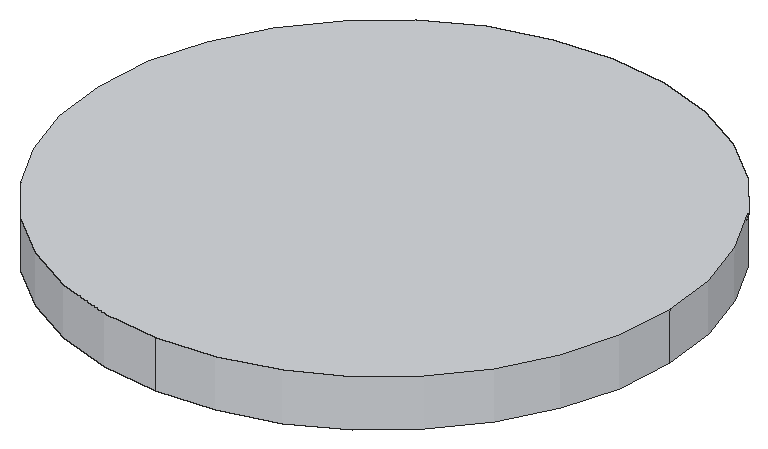
Revit family "5d5a740905c64ff0a22022e80bcc330c", category Mechanical Equipment, host Face, Revit 2021
Family settings
  Host = Face
  Round Connector Dimension = Use Radius
  Part Type = Normal
  OmniClass Number = 23.75.70.21.27
  OmniClass Title = Air Outlets and Inlets
  Seek Item ID = Round Duct Connector - Return Air - Mechanical Equipment-0000-USA-ENU
  Cut with Voids When Loaded = No
  Shared = No
  Room Calculation Point = No
Parameters (values of type "Standard")
  Thickness [instance] = 1"
  Radius [instance] = 6"
  Flow [instance] = 100 CFM
  Diameter [instance] = Radius * 2  # 12"
  Default Elevation = 0' - 0"
  Assembly Code = ""
Reference planes (in)
  plane 1 "Center (Front/Back)": y = 0
  plane 2: z = 0
  plane 3 "Center (Left/Right)": x = 0
Forms (in)
  Sweep 1, solid
    path in 3D
      loop
        line (0, 0, 0) -> (0, 0, 1)
    profile "Duct - Round : Duct - Round" origin (0, 0, 0.5) x (0, -1, 0) y (1, 0, 0)
      loop
        arc (-6, 0) -> (-4.24264, -4.24264) -> (0, -6) r 6
        arc (0, -6) -> (4.24264, -4.24264) -> (6, 0) r 6
        arc (6, 0) -> (4.24264, 4.24264) -> (0, 6) r 6
        arc (0, 6) -> (-4.24264, 4.24264) -> (-6, 0) r 6
Lines and regions (in)
  reference lines
    curve 1: line (0, 0, 0) -> (0, 0, 1)
  sketch lines
    curve 2: line (0, 0, 0) -> (0, 0, 1)
Dimensions and locks (in)
  "Thickness": curve 1 to curve 1
  aligned and locked: plane 2 to host face
  aligned and locked: level to host face
  aligned and locked: host face to curve 1
  aligned and locked: curve 1 to plane 1 "Center (Front/Back)"
Automatic sketch dimensions
  host sketch curve to host sketch curve = 8' - 0"  (x2)
Connectors (in)
  hvac at (0, 0, 1), driven by "Radius", driven by "Flow"
    settings: on Sweep 1, index 1, duct flow 100 CFM, flow factor 0, pres drop 0.00 in-wg, loss coef 0, conn angle 0.00°, conn width 12", conn height 12", conn diameter 12", duct sys type 2, conn prof type 0, flow config 1, flow direction 2, loss method 0, conn ref index -1, conn util no, is conn primary yes, conn desc ""
